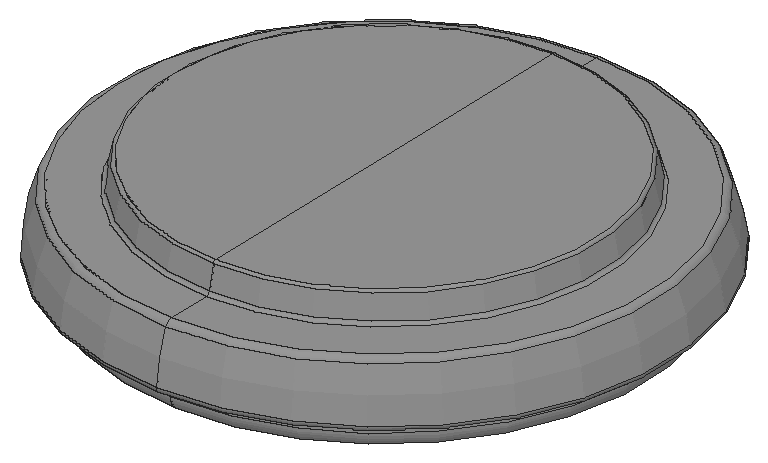
Revit family "FMK11_63_UN_Surface-mounted_ETK", category Lighting Fixtures, Revit 2017 (continued)
Definition of nested family "FMK.1 - Lightsource"
  Types (13, lengths in mm): name | Wattage Comments | Photometric Web File | built-in parameter 1150142 | Apparent Load
    FMK.1309.10 - Ø350x40 / 25W | "25W" | "FMK.1309.10.ies" | "IESNA:LM-63-2002\r\n[TEST] /2015\r\n[TESTLAB] ies2eulumdat.appspot.com\r\n[ISSUEDATE] 2021-06-16T09:02:42.033\r\n[MANUFAC] www.etk.nl\r\n[LUMCAT] FMK.1309.10\r\n[LUMINAIRE] FMK.1 LED 25W 3000/4000/5700K ø350 niet dimbaar\r\n[LAMPCAT] LED\r\n[LAMP] LED\r\nTILT=NONE\r\n1\t2480\t1\t46\t180\t1\t2\t-0.350\t-0.350\t0\r\n1.0\t1.0\t23.30\r\n0\t 2\t 4\t 6\t 8\t 10\t 12\t 14\t 16\t 18\r\n20\t 22\t 24\t 26\t 28\t 30\t 32\t 34\t 36\t 38\r\n40\t 42\t 44\t 46\t 48\t 50\t 52\t 54\t 56\t 58\r\n60\t 62\t 64\t 66\t 68\t 70\t 72\t 74\t 76\t 78\r\n80\t 82\t 84\t 86\t 88\t 90\r\n0\t 2\t 4\t 6\t 8\t 10\t 12\t 14\t 16\t 18\r\n20\t 22\t 24\t 26\t 28\t 30\t 32\t 34\t 36\t 38\r\n40\t 42\t 44\t 46\t 48\t 50\t 52\t 54\t 56\t 58\r\n60\t 62\t 64\t 66\t 68\t 70\t 72\t 74\t 76\t 78\r\n80\t 82\t 84\t 86\t 88\t 90\t 92\t 94\t 96\t 98\r\n100\t 102\t 104\t 106\t 108\t 110\t 112\t 114\t 116\t 118\r\n120\t 122\t 124\t 126\t 128\t 130\t 132\t 134\t 136\t 138\r\n140\t 142\t 144\t 146\t 148\t 150\t 152\t 154\t 156\t 158\r\n160\t 162\t 164\t 166\t 168\t 170\t 172\t 174\t 176\t 178\r\n180\t 182\t 184\t 186\t 188\t 190\t 192\t 194\t 196\t 198\r\n200\t 202\t 204\t 206\t 208\t 210\t 212\t 214\t 216\t 218\r\n220\t 222\t 224\t 226\t 228\t 230\t 232\t 234\t 236\t 238\r\n240\t 242\t 244\t 246\t 248\t 250\t 252\t 254\t 256\t 258\r\n260\t 262\t 264\t 266\t 268\t 270\t 272\t 274\t 276\t 278\r\n280\t 282\t 284\t 286\t 288\t 290\t 292\t 294\t 296\t 298\r\n300\t 302\t 304\t 306\t 308\t 310\t 312\t 314\t 316\t 318\r\n320\t 322\t 324\t 326\t 328\t 330\t 332\t 334\t 336\t 338\r\n340\t 342\t 344\t 346\t 348\t 350\t 352\t 354\t 356\t 358\r\n\r\n874.5378\t872.985\t871.4326\t868.4042\t863.9259\t859.4477\t850.8503\t842.2531\t833.6557\t825.0457\r\n816.4482\t802.6413\t788.8342\t775.0273\t761.2204\t747.4003\t728.7815\t710.1497\t691.518\t672.8991\r\n654.2674\t631.1444\t608.0216\t584.8986\t561.7758\t538.6528\t510.9747\t483.2964\t455.6313\t427.953\r\n400.2876\t372.6096\t344.9442\t317.2659\t289.6008\t261.9225\t0\t0\t0\t0\r\n0\t0\t0\t0\t0\t0\r\n874.5378\t872.986\t871.4415\t868.4251\t863.9551\t859.4973\t850.9108\t842.3156\t833.7785\t825.156\r\n816.5457\t802.7467\t788.916\t775.0947\t761.2697\t747.446\t728.8383\t710.205\t691.578\t672.9569\r\n654.3735\t631.2344\t608.0719\t584.9231\t561.7592\t538.7577\t511.1295\t483.472\t455.8195\t428.1685\r\n400.5019\t372.8469\t345.191\t317.5236\t289.8671\t262.8659\t0.6758\t0\t0\t0\r\n0\t0\t0\t0\t0\t0\r\n874.5378\t872.985\t871.4437\t868.4422\t864.0258\t859.6925\t851.111\t842.4877\t833.8645\t825.2183\r\n816.6186\t802.8333\t788.947\t775.0781\t761.2052\t747.4135\t728.9223\t710.364\t691.7948\t673.2027\r\n654.5427\t631.4194\t608.2026\t585.0017\t561.8016\t538.6766\t511.1077\t483.4663\t455.8287\t428.1951\r\n400.5664\t372.9516\t345.3244\t317.6992\t290.0876\t265.0403\t2.7464\t0\t0\t0\r\n0\t0\t0\t0\t0\t0\r\n874.5378\t872.9821\t871.4385\t868.4194\t864.0727\t859.7838\t851.2173\t842.5678\t833.9007\t825.2235\r\n816.668\t802.9365\t789.0812\t775.2792\t761.421\t747.6997\t729.181\t710.4756\t691.7873\t673.1308\r\n654.663\t631.625\t608.3911\t585.1543\t561.9214\t538.8799\t511.4157\t483.7676\t456.1196\t428.4736\r\n400.8305\t373.1892\t345.554\t317.9194\t290.287\t268.2859\t6.3352\t0\t0\t0\r\n0\t0\t0\t0\t0\t0\r\n874.5378\t872.9774\t871.3354\t868.4409\t864.1178\t859.8537\t851.2982\t842.6199\t833.9409\t825.2468\r\n816.7788\t803.1785\t789.2843\t775.3512\t761.3176\t747.5762\t729.2242\t710.5594\t691.8962\t673.1995\r\n654.7728\t631.8698\t608.6334\t585.3343\t562.0186\t538.9799\t511.6644\t483.999\t456.3696\t428.7156\r\n401.0544\t373.3948\t345.7398\t318.0935\t290.4628\t272.4181\t11.6488\t0\t0\t0\r\n0\t0\t0\t0\t0\t0\r\n874.5378\t872.9707\t871.3279\t868.471\t864.1617\t859.8954\t851.3872\t842.6839\t833.9766\t825.2708\r\n816.8502\t803.3288\t789.3332\t775.3224\t761.359\t747.7361\t729.5277\t710.8005\t692.0589\t673.2875\r\n654.8872\t632.0349\t608.7229\t585.4345\t562.1478\t539.1899\t512.0463\t484.3358\t456.6506\t428.9594\r\n401.2923\t373.6043\t345.9364\t318.2797\t290.6205\t277.0921\t18.9765\t0\t0\t0\r\n0\t0\t0\t0\t0\t0\r\n874.5378\t872.9625\t871.3272\t868.5089\t864.2287\t859.9311\t851.476\t842.7424\t834.0185\t825.2728\r\n816.878\t803.4883\t789.447\t775.409\t761.3523\t747.7021\t729.6919\t710.7722\t691.9242\t673.107\r\n654.8527\t632.4372\t609.0672\t585.6956\t562.3043\t539.3645\t512.4665\t484.6711\t456.9197\t429.1861\r\n401.4679\t373.7873\t346.0949\t318.4119\t290.7592\t281.9071\t28.6938\t0\t0\t0\r\n0\t0\t0\t0\t0\t0\r\n874.5378\t872.9523\t871.3329\t868.5553\t864.2592\t859.9504\t851.5554\t842.8305\t834.084\t825.2074\r\n816.787\t803.6596\t789.5906\t775.4335\t761.1574\t747.4849\t729.8365\t711.046\t692.1648\t673.255\r\n654.9501\t632.8883\t609.4094\t585.8784\t562.3338\t539.3534\t512.8427\t485.0158\t457.1657\t429.3874\r\n401.6484\t373.9389\t346.2683\t318.581\t290.9008\t286.3639\t41.2736\t0\t0\t0\r\n0\t0\t0\t0\t0\t0\r\n874.5378\t872.8137\t871.345\t868.6644\t864.2765\t859.9251\t851.6873\t842.9609\t834.0724\t825.0615\r\n816.7052\t803.8927\t789.6685\t775.3465\t761.1232\t747.5149\t730.8168\t711.207\t692.2662\t673.3624\r\n654.3396\t633.7434\t609.5716\t585.9823\t562.3541\t538.7123\t513.8128\t485.4491\t457.6064\t429.7267\r\n401.9207\t374.1378\t346.3933\t318.6716\t290.991\t289.7615\t57.2684\t0\t0\t0\r\n0\t0\t0\t0\t0\t0\r\n874.5378\t872.8057\t871.3631\t868.7051\t864.2817\t859.9405\t851.8897\t843.0202\t833.9841\t825.0067\r\n816.6099\t803.9828\t789.7525\t775.6421\t761.2323\t746.6449\t731.0465\t711.5628\t692.4192\t673.1806\r\n654.0931\t634.2226\t610.0016\t586.2715\t562.5156\t538.712\t514.1789\t485.7884\t457.8779\t430.0342\r\n402.2659\t374.4612\t346.6551\t318.8784\t291.1066\t291.3829\t77.339\t0\t0\t0\r\n0\t0\t0\t0\t0\t0\r\n874.5378\t872.8008\t871.3872\t868.7356\t864.2423\t859.9616\t852.0338\t842.9907\t834.0205\t825.0028\r\n815.6301\t804.9673\t790.2232\t775.6207\t761.0674\t746.5966\t731.3436\t711.6432\t692.6156\t673.3986\r\n654.0405\t634.3984\t610.1926\t586.3276\t562.5002\t538.7113\t514.7498\t486.5348\t458.5126\t430.4672\r\n402.5338\t374.6697\t346.8121\t319.0039\t291.2333\t263.4995\t160.6802\t0\t0\t0\r\n0\t0\t0\t0\t0\t0\r\n874.5378\t872.7986\t871.4172\t868.7559\t864.2542\t860.0226\t852.1575\t843.0968\t834.151\t824.79\r\n815.5091\t805.477\t790.3016\t775.7026\t761.1321\t746.2692\t731.413\t712.2009\t692.6938\t673.2253\r\n653.6873\t634.4207\t610.6578\t586.7802\t562.8732\t538.8591\t514.9854\t487.0326\t458.9317\t430.8209\r\n402.7969\t374.818\t346.9138\t319.0475\t291.2393\t263.4851\t185.2086\t0\t0\t0\r\n0\t0\t0\t0\t0\t0\r\n874.5378\t872.799\t871.5328\t868.7666\t864.2775\t859.9965\t852.7195\t843.3582\t834.1664\t824.7436\r\n815.5708\t805.467\t790.5818\t775.9047\t761.0165\t746.3004\t731.6097\t712.3145\t692.7446\t673.1826\r\n653.6286\t634.5159\t611.2627\t587.1358\t562.9947\t538.8643\t515.0814\t487.4881\t459.2749\t431.1106\r\n402.9628\t374.95\t347.0093\t319.1472\t291.3053\t263.5233\t208.2994\t0\t0\t0\r\n0\t0\t0\t0\t0\t0\r\n874.5378\t872.8025\t871.5583\t868.7204\t864.3127\t859.9316\t852.9209\t843.5306\t834.1128\t824.8934\r\n815.2782\t805.5067\t790.8995\t776.0151\t761.1772\t746.0554\t731.2669\t712.664\t693.0221\t673.3778\r\n653.6104\t633.792\t612.3338\t587.453\t563.0919\t538.7235\t514.9098\t487.9779\t459.6978\t431.5641\r\n403.366\t375.1722\t347.1174\t319.1532\t291.2958\t263.5213\t228.7914\t0\t0\t0\r\n0\t0\t0\t0\t0\t0\r\n874.5378\t872.8087\t871.5786\t868.7286\t864.3792\t859.2746\t853.2661\t843.5958\t834.235\t824.8872\r\n815.0505\t805.5206\t791.2318\t776.3022\t761.2172\t745.916\t730.4468\t713.7346\t693.4459\t673.4403\r\n653.4991\t633.4361\t612.717\t587.6995\t563.177\t538.6746\t514.3676\t489.1869\t460.2153\t431.8054\r\n403.5104\t375.376\t347.3463\t319.3253\t291.3561\t263.4928\t245.247\t0\t0\t0\r\n0\t0\t0\t0\t0\t0\r\n874.5378\t872.8176\t871.594\t868.7413\t864.5999\t859.2372\t853.4766\t843.7617\t834.4664\t824.7991\r\n814.8886\t805.3621\t791.6455\t776.6385\t761.3791\t745.8498\t730.2087\t714.1344\t693.6806\t673.6665\r\n653.3853\t632.9801\t612.7046\t588.1848\t563.7124\t538.8507\t514.0373\t489.2641\t460.7659\t432.4004\r\n403.9749\t375.6369\t347.3932\t319.2876\t291.3137\t263.4311\t256.4\t21.1589\t0\t0\r\n0\t0\t0\t0\t0\t0\r\n874.5378\t872.8291\t871.6049\t868.7579\t864.6433\t859.2362\t853.6197\t844.0003\t834.6256\t824.7954\r\n814.7222\t804.4108\t792.7933\t777.0693\t761.5696\t745.8454\t730.025\t714.0597\t694.2482\t673.7662\r\n653.1948\t632.7378\t612.8978\t589.0191\t563.854\t538.8859\t514.0346\t489.5694\t461.4915\t432.792\r\n404.2522\t375.8708\t347.5762\t319.3982\t291.2929\t263.2944\t260.497\t50.994\t0\t0\r\n0\t0\t0\t0\t0\t0\r\n874.5378\t872.8434\t871.6111\t868.7812\t864.6867\t859.3193\t853.6386\t844.3264\t834.7903\t824.8279\r\n814.5669\t804.0862\t793.2471\t777.5685\t761.7856\t745.9386\t729.6368\t714.0267\t694.6212\t673.9306\r\n653.3719\t632.7102\t611.7654\t590.0275\t564.3446\t539.1887\t513.9862\t488.7864\t462.5949\t433.4053\r\n404.7521\t376.0935\t347.6417\t319.3977\t291.2247\t263.1831\t235.3098\t141.9651\t0\t0\r\n0\t0\t0\t0\t0\t0\r\n874.5378\t872.8601\t871.6131\t868.8157\t864.7177\t859.3485\t853.7135\t844.6525\t834.9887\t824.8664\r\n814.4149\t803.9339\t793.47\t778.0082\t762.198\t745.8223\t729.5701\t712.9179\t695.5336\t674.4831\r\n653.5046\t632.3809\t611.3728\t590.2611\t564.8862\t539.4174\t514.0207\t488.6597\t463.1784\t433.9189\r\n405.1445\t376.434\t347.8034\t319.3994\t291.1716\t263.102\t235.1821\t178.7874\t0\t0\r\n0\t0\t0\t0\t0\t0\r\n874.5378\t872.8794\t871.6111\t868.8382\t864.774\t859.3795\t853.7675\t845.0496\t835.2055\t824.9353\r\n814.3702\t803.7722\t793.2751\t778.7009\t762.387\t746.0296\t729.3764\t712.475\t695.8285\t674.8422\r\n653.5931\t632.3727\t610.9574\t590.0503\t565.5501\t539.9047\t514.1925\t488.4214\t463.2504\t434.6696\r\n405.5599\t376.6984\t348.0288\t319.5354\t291.2058\t263.0085\t234.9936\t206.9523\t0\t0\r\n0\t0\t0\t0\t0\t0\r\n874.5378\t872.9012\t871.5655\t868.8601\t864.8335\t859.4207\t853.7683\t845.9362\t835.4577\t825.0514\r\n814.4553\t803.6296\t792.2179\t779.8127\t762.8299\t746.2469\t729.2703\t712.3577\t695.3362\t675.8838\r\n653.9827\t632.336\t610.6474\t589.0122\t566.7343\t540.3769\t514.3674\t488.4717\t462.4798\t435.7434\r\n406.1918\t377.2278\t348.3572\t319.6358\t291.116\t262.8306\t234.7776\t224.3024\t1.4585\t0\r\n0\t0\t0\t0\t0\t0\r\n874.5378\t872.9253\t871.379\t868.8811\t864.8933\t859.5045\t853.244\t846.2499\t835.7384\t825.2103\r\n814.554\t803.4044\t791.869\t779.805\t763.3864\t746.4988\t729.5299\t711.942\t694.2604\t676.3124\r\n654.3574\t632.4508\t610.5755\t588.4983\t566.715\t541.0891\t514.7654\t488.5178\t462.3191\t436.3543\r\n406.9804\t377.6331\t348.5191\t319.6606\t291.0778\t262.7334\t234.5562\t206.64\t33.7392\t0\r\n0\t0\t0\t0\t0\t0\r\n874.5378\t872.9518\t871.3778\t868.901\t864.9325\t859.5784\t853.214\t846.4466\t836.0774\t825.4851\r\n814.7053\t803.2509\t791.428\t779.5917\t764.708\t746.9787\t729.5768\t711.8113\t693.9015\t676.1179\r\n654.908\t632.8464\t610.5296\t587.9914\t565.627\t542.3981\t515.4013\t488.7842\t462.2727\t436.2295\r\n407.5555\t378.0413\t348.8864\t319.862\t291.0406\t262.6159\t234.3798\t206.3836\t125.2993\t0\r\n0\t0\t0\t0\t0\t0\r\n874.5378\t872.9803\t871.3797\t868.9196\t864.9851\t859.8641\t853.2857\t846.5857\t836.4728\t825.8653\r\n814.8491\t803.1912\t790.9769\t778.4546\t765.1236\t747.6989\t729.8082\t711.8736\t693.6275\t674.9012\r\n655.9925\t633.326\t610.454\t587.7632\t565.102\t542.6503\t515.9853\t489.2289\t462.1807\t435.3737\r\n408.6395\t378.7488\t349.1738\t320.0656\t291.1158\t262.4901\t234.1534\t206.1212\t166.7175\t0\r\n0\t0\t0\t0\t0\t0\r\n874.5378\t873.0113\t871.3852\t868.9367\t865.0399\t859.9204\t853.307\t846.641\t837.3913\t826.2663\r\n815.0031\t803.1425\t790.7259\t778.0157\t765.1782\t748.2205\t730.3124\t712.0938\t693.3636\t674.5736\r\n655.9109\t633.7124\t610.7149\t587.853\t564.6883\t541.2801\t517.5309\t489.4969\t462.3786\t435.363\r\n408.5691\t379.4638\t349.7132\t320.289\t291.1386\t262.3679\t233.9597\t205.843\t191.3541\t0\r\n0\t0\t0\t0\t0\t0\r\n874.5378\t873.143\t871.3944\t868.965\t865.0967\t859.8366\t853.3333\t846.609\t837.7894\t826.7333\r\n815.244\t803.1272\t790.598\t777.5346\t764.1329\t749.4672\t730.951\t712.4368\t693.5213\t674.2631\r\n654.6404\t634.4981\t611.4715\t587.9688\t564.3337\t540.8223\t517.1794\t490.4388\t462.8798\t435.3102\r\n407.9645\t380.4853\t350.2125\t320.5261\t291.2361\t262.2558\t233.7412\t205.6123\t177.8296\t14.1429\r\n0\t0\t0\t0\t0\t0\r\n874.5378\t873.1763\t871.407\t868.9764\t865.1592\t859.8703\t853.3687\t846.0245\t838.1083\t827.2372\r\n815.546\t803.2631\t790.6275\t777.2122\t763.3757\t749.5128\t731.8115\t712.9487\t693.7455\t674.1637\r\n653.9549\t634.477\t612.5793\t588.3527\t564.3939\t540.0376\t516.1111\t491.7518\t463.4257\t435.5192\r\n407.7844\t380.4151\t350.853\t320.8406\t291.372\t262.3528\t233.5793\t205.2753\t177.4284\t100.3334\r\n0\t0\t0\t0\t0\t0\r\n874.5378\t873.2102\t871.4234\t868.9821\t865.2199\t859.9164\t853.3802\t845.9739\t838.2844\t828.258\r\n815.9269\t803.5366\t790.6872\t777.0899\t762.8644\t748.28\t733.0436\t713.8015\t694.1699\t674.0905\r\n653.757\t633.2779\t612.7708\t588.9918\t564.3915\t539.9679\t515.4434\t490.7922\t464.2999\t436.0276\r\n407.779\t379.7438\t351.7153\t321.4985\t291.592\t262.1553\t233.2983\t205.0147\t177.1546\t145.4639\r\n0\t0\t0\t0\t0\t0\r\n874.5378\t873.2447\t871.4437\t868.9821\t865.3878\t859.9732\t853.652\t845.9555\t838.3191\t828.6689\r\n816.4088\t803.9361\t790.7592\t776.9914\t762.5777\t747.6364\t732.8507\t715.2471\t694.8762\t674.401\r\n653.9941\t632.9377\t611.6419\t589.8573\t564.946\t540.0634\t514.9631\t489.9071\t465.2073\t436.8188\r\n408.1445\t379.5543\t351.4748\t321.8757\t291.7147\t262.2731\t233.2762\t204.7089\t176.824\t164.8575\r\n0\t0\t0\t0\t0\t0\r\n874.5378\t873.2799\t871.4683\t868.9756\t865.4228\t860.0385\t853.7311\t846.0076\t837.7948\t828.8807\r\n817.4717\t804.5194\t791.0178\t776.9872\t762.3882\t747.1476\t731.4663\t715.4215\t695.7243\t675.1483\r\n654.1285\t632.8402\t610.9574\t588.8696\t566.1808\t540.386\t514.916\t489.2432\t463.8614\t438.2408\r\n408.5783\t379.6245\t350.8114\t322.5996\t292.3293\t262.326\t233.1999\t204.5472\t176.4644\t149.0113\r\n16.216\t0\t0\t0\t0\t0\r\n874.5378\t873.3159\t871.497\t868.9622\t865.4369\t860.1907\t853.8042\t846.1177\t837.7745\t828.8515\r\n817.9953\t805.1583\t791.4469\t777.2136\t762.3408\t746.854\t730.7764\t714.1453\t696.8941\t676.2308\r\n654.8569\t632.953\t610.6936\t588.2664\t565.8113\t541.6322\t514.9631\t489.0285\t463.0688\t436.8994\r\n409.7776\t379.9112\t350.8776\t322.1307\t292.7546\t262.7213\t233.0969\t204.2235\t176.1537\t148.6428\r\n101.0416\t0\t0\t0\t0\t0\r\n874.5378\t873.6792\t871.5315\t868.7547\t865.4315\t860.2297\t853.8816\t846.4595\t837.8058\t828.2545\r\n818.2909\t806.3212\t791.9992\t777.6392\t762.4728\t746.7337\t730.2628\t713.3006\t695.732\t677.4931\r\n655.7348\t633.3903\t610.8761\t587.946\t564.6675\t541.318\t515.6959\t489.1587\t462.6031\t435.8067\r\n409.7153\t380.864\t351.1554\t321.9028\t293.2203\t262.8733\t233.1865\t204.0807\t175.7665\t148.2591\r\n132.3459\t0\t0\t0\t0\t0\r\n874.5378\t873.7134\t871.569\t868.7452\t865.4091\t860.2512\t853.9324\t846.6167\t837.896\t828.2022\r\n818.3316\t806.6594\t792.7169\t778.2054\t762.7679\t746.7699\t730.0981\t712.7322\t694.988\t676.5172\r\n657.1192\t634.3761\t611.4976\t587.9639\t564.389\t540.0872\t516.1879\t489.8972\t462.4892\t435.4032\r\n408.275\t381.6807\t351.887\t321.9692\t292.4924\t263.6168\t233.2534\t203.9966\t175.5022\t147.8698\r\n121.0768\t0\t0\t0\t0\t0\r\n874.5378\t873.7457\t871.6111\t868.7428\t865.3719\t860.255\t853.9692\t846.7268\t838.2164\t828.2493\r\n817.7758\t806.748\t793.8423\t778.9372\t763.3066\t747.0415\t730.2687\t712.4422\t694.3955\t675.5555\r\n655.9208\t635.931\t612.4625\t588.6657\t564.3614\t539.7943\t514.8805\t490.169\t463.2523\t435.3732\r\n407.7353\t380.1597\t352.8643\t322.5255\t292.5334\t263.0816\t233.7298\t203.9537\t175.1936\t147.4432\r\n120.6567\t63.9473\t0\t0\t0\t0\r\n874.5378\t873.7764\t871.6582\t868.6741\t865.3223\t860.2423\t853.987\t846.8086\t838.3258\t828.5903\r\n817.7822\t806.1329\t794.1176\t780.1011\t764.1344\t747.5796\t730.578\t712.5211\t694.061\t674.8993\r\n654.9754\t634.6603\t613.6926\t589.8625\t565.0638\t540.0269\t514.7178\t489.0076\t463.6504\t436.382\r\n407.8139\t379.375\t351.4537\t323.6603\t292.9812\t262.9809\t233.8132\t204.0767\t175.0064\t147.0129\r\n120.1689\t102.6651\t0\t0\t0\t0\r\n874.5378\t873.8052\t871.7103\t868.6894\t864.9781\t860.2143\t853.9873\t846.8622\t838.4054\t828.7421\r\n817.8963\t806.1104\t793.5655\t780.3893\t765.33\t748.4318\t731.071\t713.0159\t694.1406\t674.6701\r\n654.4264\t633.6531\t612.2512\t590.8414\t566.8777\t540.8597\t514.9527\t488.895\t462.332\t435.9709\r\n408.6408\t379.5181\t350.7114\t322.3085\t294.0846\t263.252\t233.3849\t204.3862\t174.8799\t146.666\r\n119.7185\t93.9345\t0\t0\t0\t0\r\n874.5378\t873.832\t871.7674\t868.717\t864.965\t860.1401\t853.9699\t846.8873\t838.4528\t828.8522\r\n818.211\t806.2383\t793.5271\t779.8191\t765.5254\t749.6777\t732.3108\t713.7591\t694.5756\t674.8566\r\n654.3388\t633.0676\t611.3731\t589.025\t566.1634\t542.5848\t516.063\t489.4689\t462.4456\t435.4022\r\n407.7886\t380.4967\t350.8268\t321.5372\t292.6712\t264.3385\t233.5555\t203.915\t175.0615\t146.5055\r\n119.3143\t93.5059\t20.0518\t0\t0\t0\r\n874.5378\t873.8565\t871.8299\t868.7566\t864.9781\t859.91\t853.9396\t846.884\t838.4632\t828.9189\r\n818.3015\t806.6304\t793.8544\t779.8529\t765.0344\t749.9723\t732.9506\t715.1375\t695.4476\t675.5022\r\n654.6791\t633.0867\t611.0566\t588.2337\t564.946\t541.0728\t517.268\t491.1801\t463.4202\t435.6207\r\n407.4397\t379.2724\t351.4527\t321.623\t291.9101\t262.967\t234.6318\t204.099\t174.9625\t146.5003\r\n118.9993\t93.0548\t76.0222\t0\t0\t0\r\n874.5378\t873.8791\t872.2594\t868.8087\t865.0168\t859.8988\t853.6971\t846.8538\t838.4138\t828.9417\r\n818.3519\t806.7718\t794.0724\t780.3079\t765.1772\t749.4954\t732.6193\t715.538\t696.8383\t676.8937\r\n655.4489\t633.6554\t611.2818\t588.1191\t564.3977\t540.1435\t515.4005\t490.2355\t465.2068\t436.8312\r\n407.9717\t379.2133\t350.3712\t321.3825\t292.606\t262.3118\t233.1959\t205.0923\t175.0431\t146.4961\r\n118.8352\t92.7175\t68.4227\t0\t0\t0\r\n874.5378\t873.8994\t872.3229\t868.8735\t865.08\t859.9207\t853.6723\t846.6068\t838.3382\t828.9182\r\n818.3519\t806.8372\t794.2274\t780.549\t765.7087\t749.915\t732.7656\t715.0968\t696.5797\t677.356\r\n656.7033\t635.0261\t612.1054\t588.727\t564.536\t539.9751\t514.7339\t489.1465\t463.2873\t436.3458\r\n409.5217\t380.2073\t350.6157\t321.0844\t291.6254\t262.6618\t232.6257\t203.6653\t175
